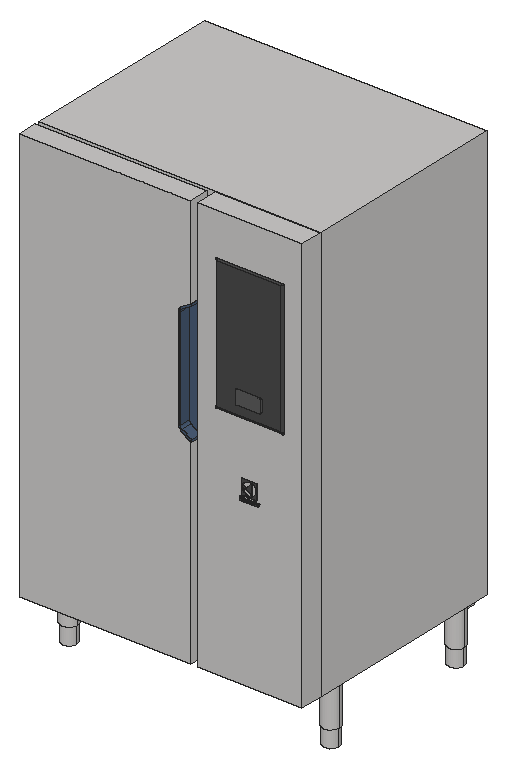
Revit family "QF_ELECTROLUXPROFESSIONAL_727744_EBFA21RQ", category Specialty Equipment, Revit 2018
Family settings
  Round Connector Dimension = Use Diameter
  Part Type = Normal
  Work Plane-Based = No
  Always vertical = Yes
  Cut with Voids When Loaded = No
  Shared = No
  Room Calculation Point = No
Parameters
  Weight = 0.00 kg
  Watts = 0 W
  Volts = 208 V
  URL Manufacturer = "http://professional.electrolux.com"
  URL = "http://professional.electrolux.com"
  Steam Supply Size = 0 mm
  Steam Supply Minimum Pressure = 0.0 Pa
  Steam Supply Maximum Pressure = 0.0 Pa
  Steam Pounds per Hour = 0
  Show Logo [instance] = yes
  Show Clearance [instance] = yes
  Refrigeration Suction Line Size = 0 mm
  Refrigeration Liquid Line Size = 0 mm
  Refrigerant Compressor Remote = yes
  Manufacturer = "Electrolux"
  Phase = 3
  Model = "EBFA21RQ"
  Length Actual = 1040 mm  # constant formula
  Item Number = "727744"
  Hot Water Size = 0 mm
  Height Actual = 1783 mm  # constant formula
  HP = "6.4 HP"
  Gas Size = 0 mm
  Gas KW = 0
  Gas Input Pressure = 0 W
  Direct Waste Size = 0 mm
  Description = "BCF 100/85KG 20GN1/1 REM-208V-US-USB"
  Depth Actual = 850 mm  # constant formula
  Cycle = 60 Hz
  Condensate Return Size = 0 mm
  Compressed Air Volume = 0.0 L/s
  Compressed Air Size = 0 mm
  Compressed Air Pressure = 0.0 Pa
  Cold Water Size = 0 mm
  Accessory = yes
Reference planes
  plane 1 "Center X": y = 129.851
  plane 2: z = 0
  plane 3 "Center Y": x = -384
  plane 4 "LEFT": x = -904
  plane 5 "BACK": y = 554.851
  plane 6 "RIGHT": x = 136
  plane 7 "FRONT": y = -295.149
  plane 8 "TOP": z = 1741
  plane 9: x = -866.5
  plane 10: y = 478.851
  plane 11: x = 98.5
  plane 12: y = -115.149
  plane 13: y = 616.851
  plane 14: y = -880.149
  plane 15: z = 210
  plane 16: x = -852
  plane 17: x = 84
  plane 18: z = 1174
Forms (mm)
  Extrusion 1, solid, material "QF_Finishes_Stainless Steel"
    sketch origin (0, 0, 1741) x (-1, 0, 0) y (0, -1, 0)
      loop
        line (904, -554.851) -> (904, 210.149) -> (-136, 210.149) -> (-136, -554.851) -> (904, -554.851)
    from 0 to -1531
  Extrusion 2, solid, material "QF_Finishes_Stainless Steel"
    sketch origin (-904, -0.954, 258.709) x (0, 1, 0) y (0, 0, 1)
      loop
        line (617.805, -10.759) -> (555.805, -10.759) -> (555.805, -142.72) -> (617.805, -142.72) -> (617.805, -10.759)
    from 572 to 941.96
  Extrusion 3, solid, material "QF_Finishes_Stainless Steel"
    sketch origin (-199.727, 554.851, 2076) x (1, 0, 0) y (0, 0, -1)
      loop
        circle (230.727, 1616) r 10.5
      loop
        circle (230.727, 1686) r 8
      loop
        circle (230.727, 1701) r 4.75
    from 0 to 90
  Extrusion 4, solid, material "QF_Finishes_Stainless Steel"
    sketch origin (0, 0, 210) x (0, -1, 0) y (-1, 0, 0)
      loop
        circle (-176.851, 270.5) r 9.5
    from 0 to 31.68
  Extrusion 5, solid, material "QF_Finishes_Stainless Steel"
    sketch origin (-642.679, -295.149, 0) x (1, 0, 0) y (0, 0, -1)
      loop
        line (369.7, -1741) -> (369.7, -1401.365) -> (333.447, -1377.283)
        arc (333.447, -1377.283) -> (327.216, -1370.436) -> (324.96, -1361.456) r 19
        line (324.96, -1361.456) -> (324.96, -986.544)
        arc (324.96, -986.544) -> (327.339, -977.083) -> (333.91, -969.873) r 20
        line (333.91, -969.873) -> (369.7, -946.15) -> (369.7, -210) -> (-261.321, -210) -> (-261.321, -1741) -> (369.7, -1741)
    from 0 to 70
  Extrusion 6, solid, material "QF_Finishes_Stainless Steel"
    sketch origin (-623, 0, 1060.038) x (1, 0, 0) y (0, 1, 0)
      loop
        line (759, -295.149) -> (759, -211.149) -> (372.993, -211.149) -> (372.993, -295.149) -> (759, -295.149)
    from 680.962 to -850.038
  Extrusion 7, solid, material "QF_Door-Drawer Clearances", visible <- "Show Clearance", detail levels coarse
    sketch origin (-623, 0, 1060.038) x (1, 0, 0) y (0, 1, 0)
      loop
        line (-246, -295.149) -> (-246, -877.649)
        arc (-246, -877.649) -> (165.972, -703.005) -> (350.021, -295.149) r 614
        line (350.021, -295.149) -> (-246, -295.149)
    from -850.038 to 680.962
  Extrusion 8, solid, material "QF_Finishes_Stainless Steel"
    sketch origin (-651.679, -235.149, 422.467) x (1, 0, 0) y (0, 0, -1)
      loop
        line (333.96, -564.076) -> (333.96, -938.989)
        arc (333.96, -938.989) -> (336.216, -947.969) -> (342.447, -954.816) r 19
        line (342.447, -954.816) -> (378.7, -978.898) -> (378.7, -523.683) -> (342.91, -547.406)
        arc (342.91, -547.406) -> (336.339, -554.616) -> (333.96, -564.076) r 20
    from -21 to 10
  Extrusion 9, solid, material "QF_Finishes_Electrolux_Blue"
    sketch origin (-651.679, -295.149, 422.467) x (-1, 0, 0) y (0, 0, -1)
      loop
        line (-378.7, -978.898) -> (-342.447, -954.816)
        arc (-342.447, -954.816) -> (-336.216, -947.969) -> (-333.96, -938.989) r 19
        line (-333.96, -938.989) -> (-333.96, -564.076)
        arc (-333.96, -564.076) -> (-336.339, -554.616) -> (-342.91, -547.406) r 20
        line (-342.91, -547.406) -> (-378.7, -523.683) -> (-381.2, -523.683) -> (-381.2, -529.824) -> (-346.501, -552.824)
        arc (-346.501, -552.824) -> (-342.066, -557.691) -> (-340.46, -564.076) r 13.5
        line (-340.46, -564.076) -> (-340.46, -938.989)
        arc (-340.46, -938.989) -> (-341.944, -944.897) -> (-346.043, -949.401) r 12.5
        line (-346.043, -949.401) -> (-381.2, -972.755) -> (-381.2, -978.898) -> (-378.7, -978.898)
    from -39 to 1
  Extrusion 10, void
    sketch origin (-904, -210.149, 1741) x (-1, 0, 0) y (0, 0, 1)
      loop
        line (-600.7, -65.802) -> (-600.7, -1517.802) -> (-46.5, -1517.802) -> (-46.5, -65.802) -> (-600.7, -65.802)
    from 0 to 704
  Extrusion 11, solid, material "QF_Door-Drawer Clearances", visible <- "Show Clearance", detail levels coarse
    sketch origin (-939, -461.949, 0) x (0, -1, 0) y (0, 0, -1)
      loop
        line (415.7, -1741) -> (415.7, -1401.365) -> (379.447, -1377.283)
        arc (379.447, -1377.283) -> (373.216, -1370.436) -> (370.96, -1361.456) r 19
        line (370.96, -1361.456) -> (370.96, -986.544)
        arc (370.96, -986.544) -> (373.339, -977.083) -> (379.91, -969.873) r 20
        line (379.91, -969.873) -> (415.7, -946.15) -> (415.7, -210) -> (-166.8, -210) -> (-166.8, -1741) -> (415.7, -1741)
    from 0 to 70
  Extrusion 12, solid, material "QF_Door-Drawer Clearances", visible <- "Show Clearance", detail levels coarse
    sketch origin (-879, -452.949, 422.467) x (0, -1, 0) y (0, 0, -1)
      loop
        line (379.96, -564.076) -> (379.96, -938.989)
        arc (379.96, -938.989) -> (382.216, -947.969) -> (388.447, -954.816) r 19
        line (388.447, -954.816) -> (424.7, -978.898) -> (424.7, -523.683) -> (388.91, -547.406)
        arc (388.91, -547.406) -> (382.339, -554.616) -> (379.96, -564.076) r 20
    from -21 to 10
  Extrusion 13, solid, material "QF_Door-Drawer Clearances", visible <- "Show Clearance", detail levels coarse
    sketch origin (-939, -452.949, 422.467) x (0, 1, 0) y (0, 0, -1)
      loop
        line (-424.7, -978.898) -> (-388.447, -954.816)
        arc (-388.447, -954.816) -> (-382.216, -947.969) -> (-379.96, -938.989) r 19
        line (-379.96, -938.989) -> (-379.96, -564.076)
        arc (-379.96, -564.076) -> (-382.339, -554.616) -> (-388.91, -547.406) r 20
        line (-388.91, -547.406) -> (-424.7, -523.683) -> (-427.2, -523.683) -> (-427.2, -529.824) -> (-392.501, -552.824)
        arc (-392.501, -552.824) -> (-388.066, -557.691) -> (-386.46, -564.076) r 13.5
        line (-386.46, -564.076) -> (-386.46, -938.989)
        arc (-386.46, -938.989) -> (-387.944, -944.897) -> (-392.043, -949.401) r 12.5
        line (-392.043, -949.401) -> (-427.2, -972.755) -> (-427.2, -978.898) -> (-424.7, -978.898)
    from -39 to 1
  Extrusion 14, solid, material "QF_Clearance", visible <- "Show Clearance", detail levels coarse
    sketch origin (-904, 909.851, 0) x (1, 0, 0) y (0, 1, 0)
      loop
        line (0, -1205) -> (0, -355) -> (1040, -355) -> (1040, -1205) -> (1140, -1205) -> (1140, -255) -> (-100, -255) -> (-100, -1205) -> (0, -1205)
    from 0 to 1841
  Extrusion 15, solid, material "QF_Clearance", visible <- "Show Clearance", detail levels coarse
    sketch origin (-1150.39, -1542.9, 1741) x (-1, 0, 0) y (0, -1, 0)
      loop
        line (-246.39, -1247.751) -> (-1286.39, -1247.751) -> (-1286.39, -2097.751) -> (-246.39, -2097.751) -> (-246.39, -1247.751)
    from 0 to 100
Cuts and joins
  Extrusion 10 cuts Extrusion 1
  Extrusion 10 cuts Extrusion 2
  Extrusion 10 cuts Extrusion 3
  Extrusion 10 cuts Extrusion 4
  joined: Extrusion 1, Extrusion 2, Extrusion 3, Extrusion 4
  joined: Extrusion 5, Extrusion 8
  joined: Extrusion 7, Extrusion 11, Extrusion 12, Extrusion 13
  joined: Extrusion 14, Extrusion 15
Lines and regions (mm)
  symbolic lines
    curve 1: line (-904, 554.851, 1741) -> (136, 554.851, 1741)
    curve 2: line (-904, -210.149, 1741) -> (-904, 554.851, 1741)
    curve 3: line (136, -295.149, 1741) -> (-250.007, -295.149, 1741)
    curve 4: line (136, 554.851, 1741) -> (136, -295.149, 1741)
    curve 5: line (61.997, -300.149, 1741) -> (-176.003, -300.149, 1741)
    curve 6: line (-176.003, -300.149, 1741) -> (-184.003, -295.149, 1741)
    curve 7: line (61.997, -300.149, 1741) -> (69.997, -295.149, 1741)
    curve 12: line (-250.007, -295.149, 0) -> (-250.007, -210.149, 0)
    curve 13: line (-250.007, -210.149, 0) -> (-904, -210.149, 0)
    curve 14: line (-904, -225.149, 0) -> (-272.979, -225.149, 0)
    curve 15: line (-904, -295.149, 0) -> (-904, -225.149, 0)
    curve 16: line (-272.979, -295.149, 0) -> (-904, -295.149, 0)
    curve 17: line (-272.979, -225.149, 0) -> (-272.979, -295.149, 0)
    curve 18: line (-317.719, -296.149, 0) -> (-270.479, -296.149, 0)
    curve 19: line (-270.479, -296.149, 0) -> (-270.479, -256.149, 0)
    curve 20: line (-270.479, -256.149, 0) -> (-272.979, -256.149, 0)
    curve 21: line (-317.719, -296.149, 0) -> (-317.719, -295.149, 0)
    curve 26: line (20.5, 644.851, 0) -> (41.5, 644.851, 0)
    curve 27: line (41.5, 644.851, 0) -> (41.5, 554.851, 0)
    curve 28: line (20.5, 644.851, 0) -> (20.5, 554.851, 0)
    curve 29: line (20.5, 616.851, 0) -> (-332, 616.851, 0)
    curve 30: line (-332, 616.851, 0) -> (-332, 554.851, 0)
  symbolic lines, style "QF_Door-Drawer Clearances", visible <- "Show Clearance"
    curve 8: arc (-272.979, -295.149, 1741) -> (-457.028, -703.005, 1741) -> (-869, -877.649, 1741) r 614
    curve 9: line (-939, -877.649, 1741) -> (-939, -295.149, 1741)
    curve 10: line (-869, -877.649, 1741) -> (-939, -877.649, 1741)
    curve 11: line (-869, -877.649, 1741) -> (-869, -295.149, 1741)
  symbolic lines, style "QF_Door-Drawer Clearances"
    curve 22: line (-869, -877.649, 0) -> (-939, -877.649, 0)
  symbolic lines, style "QF_Clearances", visible <- "Show Clearance", detail levels coarse
    curve 23: line (-1004, 654.851, 0) -> (-1004, -295.149, 0)
    curve 24: line (236, 654.851, 0) -> (-1004, 654.851, 0)
    curve 25: line (236, -295.149, 0) -> (236, 654.851, 0)
Dimensions and locks
  equal spacing: plane 4 "LEFT", plane 3 "Center Y", plane 6 "RIGHT"
  plane 4 "LEFT" to plane 6 "RIGHT" = 1040 mm
  plane 5 "BACK" to plane 7 "FRONT" = 850 mm
  equal spacing: plane 5 "BACK", plane 1 "Center X", plane 7 "FRONT"
  plane 15 to Extrusion 3 sketch curve = 250 mm
  plane 5 "BACK" to Extrusion 4 sketch curve = 378 mm
  plane 4 "LEFT" to Extrusion 4 sketch curve = 633.5 mm
  plane 6 "RIGHT" to Extrusion 3 sketch curve = 105 mm
  plane 8 "TOP" to level = 1741 mm
  Extrusion 3 sketch curve to Extrusion 6 = 165 mm
  Extrusion 3 sketch curve to Extrusion 6 = 180 mm
  aligned and locked: level to plane 2
  aligned and locked: plane 11 to nested 2
  aligned and locked: plane 9 to nested 1
  aligned and locked: nested 1 to plane 12
  aligned and locked: nested 2 to plane 12
  aligned and locked: Extrusion 9 to Extrusion 8
  aligned and locked: nested 4 to plane 10
  aligned and locked: nested 3 to plane 10
  aligned and locked: Extrusion 13 to Extrusion 12
Automatic sketch dimensions
  Extrusion 5 sketch curve to plane 4 "LEFT" = 0 mm
  Extrusion 5 sketch curve to plane 15 = 0 mm
  Extrusion 5 sketch curve to plane 8 "TOP" = 0 mm
  plane 3 "Center Y" to Extrusion 5 sketch curve = 66.281 mm
  Extrusion 5 sketch curve to Extrusion 5 sketch curve = 8.487 mm
  Extrusion 5 sketch curve to Extrusion 5 sketch curve = 8.95 mm
  Extrusion 5 sketch curve to Extrusion 5 sketch curve = 19 mm
  Extrusion 5 sketch curve to Extrusion 5 sketch curve = 11.05 mm
  Extrusion 5 sketch curve to Extrusion 5 sketch curve = 35.79 mm
  Extrusion 5 sketch curve to Extrusion 5 sketch curve = 36.253 mm
  plane 18 to Extrusion 5 sketch curve = 227.365 mm
  Extrusion 5 sketch curve to Extrusion 5 sketch curve = 24.082 mm
  Extrusion 5 sketch curve to plane 18 = 187.456 mm
  Extrusion 5 sketch curve to Extrusion 5 sketch curve = 23.723 mm
  plane 3 "Center Y" to Extrusion 8 sketch curve = 66.281 mm
  Extrusion 8 sketch curve to Extrusion 8 sketch curve = 8.487 mm
  Extrusion 8 sketch curve to Extrusion 8 sketch curve = 8.95 mm
  Extrusion 8 sketch curve to Extrusion 8 sketch curve = 10.513 mm
  Extrusion 8 sketch curve to Extrusion 8 sketch curve = 11.05 mm
  plane 18 to Extrusion 8 sketch curve = 203.283 mm
  Extrusion 8 sketch curve to plane 18 = 187.456 mm
  Extrusion 8 sketch curve to Extrusion 8 sketch curve = 36.253 mm
  Extrusion 8 sketch curve to Extrusion 8 sketch curve = 35.79 mm
  Extrusion 8 sketch curve to Extrusion 8 sketch curve = 0 mm  (x3)
  Extrusion 8 sketch curve to Extrusion 8 sketch curve = 24.082 mm
  Extrusion 8 sketch curve to Extrusion 8 sketch curve = 23.723 mm
  Extrusion 9 sketch curve to Extrusion 9 sketch curve = 0 mm  (x4)
  plane 3 "Center Y" to Extrusion 9 sketch curve = 113.521 mm  (x2)
  Extrusion 9 sketch curve to Extrusion 9 sketch curve = 2.5 mm  (x2)
  Extrusion 9 sketch curve to Extrusion 9 sketch curve = 27.24 mm
  Extrusion 9 sketch curve to Extrusion 9 sketch curve = 28.24 mm
  Extrusion 9 sketch curve to Extrusion 9 sketch curve = 7.459 mm
  Extrusion 9 sketch curve to Extrusion 9 sketch curve = 6.917 mm
  Extrusion 9 sketch curve to Extrusion 9 sketch curve = 3.591 mm
  Extrusion 9 sketch curve to Extrusion 9 sketch curve = 3.597 mm
  Extrusion 9 sketch curve to Extrusion 9 sketch curve = 5.583 mm
  Extrusion 9 sketch curve to Extrusion 9 sketch curve = 6.5 mm
  plane 18 to Extrusion 9 sketch curve = 227.365 mm
  Extrusion 9 sketch curve to Extrusion 9 sketch curve = 6.143 mm
  Extrusion 9 sketch curve to Extrusion 9 sketch curve = 17.939 mm
  Extrusion 9 sketch curve to plane 18 = 187.456 mm
  Extrusion 9 sketch curve to Extrusion 9 sketch curve = 23 mm
  Extrusion 9 sketch curve to Extrusion 9 sketch curve = 6.141 mm
  Extrusion 10 sketch curve to Extrusion 1 = 13.198 mm
  Extrusion 1 to Extrusion 10 sketch curve = 439.3 mm
  Extrusion 10 sketch curve to Extrusion 1 = 46.5 mm
  Extrusion 10 sketch curve to Extrusion 1 = 65.802 mm
  Extrusion 11 sketch curve to plane 8 "TOP" = 0 mm
  Extrusion 11 sketch curve to plane 15 = 0 mm
  plane 7 "FRONT" to Extrusion 11 sketch curve = 0 mm
  plane 14 to Extrusion 11 sketch curve = 47.24 mm
  plane 18 to Extrusion 11 sketch curve = 203.283 mm
  Extrusion 11 sketch curve to Extrusion 11 sketch curve = 8.487 mm
  Extrusion 11 sketch curve to plane 18 = 204.127 mm
  Extrusion 11 sketch curve to Extrusion 11 sketch curve = 8.95 mm
  Extrusion 11 sketch curve to Extrusion 11 sketch curve = 19 mm
  Extrusion 11 sketch curve to Extrusion 11 sketch curve = 11.05 mm
  Extrusion 11 sketch curve to Extrusion 11 sketch curve = 35.79 mm
  Extrusion 11 sketch curve to Extrusion 11 sketch curve = 36.253 mm
  Extrusion 11 sketch curve to Extrusion 11 sketch curve = 24.082 mm
  Extrusion 11 sketch curve to Extrusion 11 sketch curve = 23.723 mm
  plane 14 to Extrusion 12 sketch curve = 47.24 mm
  Extrusion 12 sketch curve to Extrusion 12 sketch curve = 8.487 mm
  Extrusion 12 sketch curve to Extrusion 12 sketch curve = 8.95 mm
  Extrusion 12 sketch curve to Extrusion 12 sketch curve = 19 mm
  Extrusion 12 sketch curve to Extrusion 12 sketch curve = 11.05 mm
  plane 18 to Extrusion 12 sketch curve = 203.283 mm
  Extrusion 12 sketch curve to plane 18 = 187.456 mm
  Extrusion 12 sketch curve to Extrusion 12 sketch curve = 36.253 mm
  Extrusion 12 sketch curve to Extrusion 12 sketch curve = 35.79 mm
  Extrusion 12 sketch curve to Extrusion 12 sketch curve = 0 mm  (x3)
  Extrusion 12 sketch curve to Extrusion 12 sketch curve = 24.082 mm
  Extrusion 12 sketch curve to Extrusion 12 sketch curve = 23.723 mm
  Extrusion 13 sketch curve to Extrusion 13 sketch curve = 0 mm  (x4)
  Extrusion 13 sketch curve to plane 14 = 0 mm  (x2)
  Extrusion 13 sketch curve to Extrusion 13 sketch curve = 2.5 mm  (x2)
  Extrusion 13 sketch curve to Extrusion 13 sketch curve = 27.24 mm
  Extrusion 13 sketch curve to Extrusion 13 sketch curve = 28.24 mm
  Extrusion 13 sketch curve to Extrusion 13 sketch curve = 7.459 mm
  Extrusion 13 sketch curve to Extrusion 13 sketch curve = 6.917 mm
  Extrusion 13 sketch curve to Extrusion 13 sketch curve = 3.591 mm
  Extrusion 13 sketch curve to Extrusion 13 sketch curve = 3.597 mm
  Extrusion 13 sketch curve to Extrusion 13 sketch curve = 5.583 mm
  Extrusion 13 sketch curve to Extrusion 13 sketch curve = 6.5 mm
  plane 18 to Extrusion 13 sketch curve = 227.365 mm
  Extrusion 13 sketch curve to Extrusion 13 sketch curve = 6.143 mm
  Extrusion 13 sketch curve to Extrusion 13 sketch curve = 17.939 mm
  Extrusion 13 sketch curve to plane 18 = 187.456 mm
  Extrusion 13 sketch curve to Extrusion 13 sketch curve = 23 mm
  Extrusion 13 sketch curve to Extrusion 13 sketch curve = 6.141 mm
  Extrusion 7 sketch curve to plane 7 "FRONT" = 0 mm
  plane 4 "LEFT" to Extrusion 7 sketch curve = 17.818 mm
  Extrusion 7 sketch curve to plane 9 = 2.5 mm
  plane 3 "Center Y" to Extrusion 7 sketch curve = 111.021 mm
  plane 14 to Extrusion 7 sketch curve = 2.5 mm
  Extrusion 1 sketch curve to plane 5 "BACK" = 0 mm
  Extrusion 1 sketch curve to plane 6 "RIGHT" = 0 mm
  Extrusion 1 sketch curve to plane 4 "LEFT" = 0 mm
  plane 7 "FRONT" to Extrusion 1 sketch curve = 85 mm
  Extrusion 6 sketch curve to plane 7 "FRONT" = 0 mm
  Extrusion 6 sketch curve to plane 6 "RIGHT" = 0 mm
  plane 3 "Center Y" to Extrusion 6 sketch curve = 133.993 mm
  Extrusion 6 sketch curve to Extrusion 6 sketch curve = 84 mm
  Extrusion 2 sketch curve to plane 5 "BACK" = 0 mm
  Extrusion 2 sketch curve to plane 13 = 0 mm
  Extrusion 2 sketch curve to plane 15 = 94.012 mm
  plane 15 to Extrusion 2 sketch curve = 37.95 mm
  Extrusion 3 sketch curve to Extrusion 3 sketch curve = 0 mm  (x2)
  Extrusion 14 sketch curve to plane 7 "FRONT" = 0 mm  (x2)
  Extrusion 14 sketch curve to plane 6 "RIGHT" = 1140 mm
  Extrusion 14 sketch curve to Extrusion 14 sketch curve = 100 mm  (x3)
  Extrusion 14 sketch curve to plane 13 = 62 mm
  Extrusion 14 sketch curve to Extrusion 14 sketch curve = 1040 mm
  Extrusion 15 sketch curve to plane 6 "RIGHT" = 0 mm
  Extrusion 15 sketch curve to plane 4 "LEFT" = 0 mm
  Extrusion 15 sketch curve to plane 5 "BACK" = 0 mm
  Extrusion 15 sketch curve to plane 7 "FRONT" = 0 mm
  curve 23 to plane 7 "FRONT" = 0 mm
  curve 15 to plane 4 "LEFT" = 0 mm
  curve 13 to plane 4 "LEFT" = 0 mm
  curve 30 to plane 5 "BACK" = 0 mm
  curve 29 to plane 13 = 0 mm
  curve 21 to plane 7 "FRONT" = 0 mm
  curve 12 to plane 7 "FRONT" = 0 mm
  curve 28 to plane 5 "BACK" = 0 mm
  curve 27 to plane 5 "BACK" = 0 mm
  curve 25 to plane 7 "FRONT" = 0 mm
  plane 13 to curve 24 = 38 mm
  curve 24 to plane 4 "LEFT" = 100 mm
  curve 18 to plane 7 "FRONT" = 1 mm
  plane 3 "Center Y" to curve 18 = 66.281 mm
  curve 21 to curve 17 = 44.74 mm
  curve 16 to curve 19 = 2.5 mm
  curve 14 to curve 12 = 22.972 mm
  plane 13 to curve 26 = 28 mm
  curve 26 to plane 17 = 63.5 mm
  curve 26 to curve 27 = 21 mm
  plane 6 "RIGHT" to curve 24 = 100 mm
  plane 7 "FRONT" to curve 19 = 39 mm
  plane 7 "FRONT" to curve 15 = 70 mm
  curve 14 to curve 12 = 15 mm
  plane 14 to curve 22 = 2.5 mm
  curve 22 to plane 4 "LEFT" = 35 mm
  curve 22 to plane 9 = 2.5 mm
  plane 3 "Center Y" to curve 30 = 52 mm
  curve 1 to plane 5 "BACK" = 0 mm
  curve 1 to plane 6 "RIGHT" = 0 mm
  curve 7 to plane 7 "FRONT" = 0 mm
  curve 8 to plane 7 "FRONT" = 0 mm
  curve 11 to plane 7 "FRONT" = 0 mm
  curve 2 to plane 4 "LEFT" = 0 mm
  curve 9 to plane 7 "FRONT" = 0 mm
  curve 7 to plane 7 "FRONT" = 5 mm
  curve 7 to plane 17 = 22.003 mm
  plane 3 "Center Y" to curve 6 = 207.997 mm
  curve 11 to plane 9 = 2.5 mm
  plane 4 "LEFT" to curve 8 = 17.818 mm
  plane 14 to curve 10 = 2.5 mm
  curve 10 to plane 4 "LEFT" = 35 mm
  plane 7 "FRONT" to curve 8 = 31.26 mm
  curve 7 to curve 5 = 8 mm
  curve 5 to curve 6 = 8 mm
  curve 3 to curve 8 = 22.972 mm
  curve 2 to curve 8 = 53.74 mm
  radius of Extrusion 4 sketch curve = 9.5 mm
  radius of Extrusion 3 sketch curve = 10.5 mm
  radius of Extrusion 3 sketch curve = 8 mm
  radius of Extrusion 3 sketch curve = 4.75 mm
Nested families
  nested 1: "Foot_Complete" at (-866.5, -115.149, 0), type "Foot_Complete"
    with H 210 mm
  nested 2: "Foot_Complete" at (98.5, -115.149, 0), type "Foot_Complete"
    with H 210 mm
  nested 3: "Foot_Complete" at (84, 478.851, 0), type "Foot_Complete"
    with H 210 mm
  nested 4: "Foot_Complete" at (-852, 478.851, 0), type "Foot_Complete"
    with H 210 mm
  nested 5: "ELX_Touch" at (-57.003, -295.149, 1337) x (-1, 0, 0) z (0, -1, 0), type "ELX_Touch"
  nested 6: "ELX_Logo_S_New" at (-57.003, -295.149, 824) x (1, 0, 0) z (0, -1, 0), visible <- "Show Logo", type "ELX_Logo_S_New"
    with M QF_Finishes_Black
  nested 7: "ELX_Logo_Symbol" at (-57.003, -295.149, 864) x (-1, 0, 0) z (0, -1, 0), visible <- "Show Logo", type "ELX_Logo_Symbol"
    with M QF_Finishes_Black
Connectors
  electrical at (31, 644.851, 460), driven by "Volts"
    settings: on Extrusion 3, index 5, voltage 208 V, apparent load 0 VA, apparent load phase1 0 VA, apparent load phase2 0 VA, apparent load phase3 0 VA, power factor 1, load classification "Altro", number of poles 1, system type 30, power factor state 1, is connector primary yes, connector utility no, sub classification motor no, connector description "Electrical Connection"
  piping at (-270.5, 176.851, 178.32), diameter 19
    settings: on cut or joined group of Extrusion 1, Extrusion 2, Extrusion 3, Extrusion 4, Extrusion 10, index 6, connector inside diameter 609.6 mm, connector length 0 mm, flow factor 0, pipe flow 0.0 L/s, pressure drop 0.0 Pa, fitting loss kfactor 0, connector angle 0.00°, fixture units 0, engagement length 0 mm, angle of deflection 0.00°, flow configuration 1, flow direction 2, fitting loss method 0, system type 16, joint type 0, gender type 0, connector reference index -1, connector utility 0, adjustable connector no, is connector primary yes, connector description "Drain"
  piping at (31, 644.851, 390)
    settings: on cut or joined group of Extrusion 1, Extrusion 2, Extrusion 3, Extrusion 4, Extrusion 10, index 7, connector diameter 0 mm, connector inside diameter 609.6 mm, connector length 0 mm, flow factor 0, pipe flow 0.0 L/s, pressure drop 0.0 Pa, fitting loss kfactor 0, connector angle 0.00°, fixture units 0, engagement length 0 mm, angle of deflection 0.00°, flow configuration 1, flow direction 1, fitting loss method 0, system type 8, joint type 0, gender type 0, connector reference index -1, connector utility 0, adjustable connector no, is connector primary no, connector description "Refrigerant Outlet"
  piping at (31, 644.851, 375)
    settings: on cut or joined group of Extrusion 1, Extrusion 2, Extrusion 3, Extrusion 4, Extrusion 10, index 8, connector diameter 0 mm, connector inside diameter 609.6 mm, connector length 0 mm, flow factor 0, pipe flow 0.0 L/s, pressure drop 0.0 Pa, fitting loss kfactor 0, connector angle 0.00°, fixture units 0, engagement length 0 mm, angle of deflection 0.00°, flow configuration 0, flow direction 0, fitting loss method 0, system type 7, joint type 0, gender type 0, connector reference index -1, connector utility 0, adjustable connector no, is connector primary no, connector description "Refrigerant Inlet"
Definition of nested family "Foot_Complete"
  Parameters
    R = 32 mm
    H = 150 mm
  Reference planes
    plane 1 "Centro (Fronte/Retro)": y = 0
    plane 2: z = 0
    plane 3 "Centro (Sinistra/Destra)": x = 0
    plane 4: z = 150
  Forms (mm)
    Revolve 1, solid
      sketch origin (255.05, 0, 608.09) x (0, 0, 1) y (-1, 0, 0)
        loop
          line (-608.09, 255.05) -> (-608.09, 226.55) -> (-544.09, 226.55) -> (-544.09, 223.05) -> (-458.09, 223.05) -> (-458.09, 255.05) -> (-608.09, 255.05)
        axis (-608.09, 255.05) -> (-458.09, 255.05)
      angle from 0 to 360
  Dimensions and locks
    locked: level to Revolve 1 sketch curve at 64
    "R": Revolve 1 sketch curve to plane 3 "Centro (Sinistra/Destra)"
    "H": plane 4 to level
    aligned and locked: level to plane 2
    aligned and locked: plane 4 to Revolve 1 sketch curve
    aligned and locked: Revolve 1 sketch curve to level
    aligned and locked: plane 3 "Centro (Sinistra/Destra)" to Revolve 1 sketch curve
  Automatic sketch dimensions
    Revolve 1 sketch curve to plane 3 "Centro (Sinistra/Destra)" = 0 mm
    plane 3 "Centro (Sinistra/Destra)" to Revolve 1 sketch curve = 28.5 mm
    Revolve 1 sketch curve to Revolve 1 sketch curve = 50 mm
    Revolve 1 sketch curve to Revolve 1 sketch curve = 20 mm
Definition of nested family "ELX_Touch"
  Parameters
    Default Elevation = 1219.2 mm
  Reference planes
    plane 1 "Centro (Fronte/Retro)": y = 0
    plane 2: z = 0
    plane 3 "Centro (Sinistra/Destra)": x = 0
  Forms (mm)
    Extrusion 1, solid
      sketch origin (0, 0, 0) x (1, 0, 0) y (0, 1, 0)
        loop
          line (-1219.2, 1219.2) -> (-1219.2, -1219.2) -> (1219.2, -1219.2) -> (1219.2, 1219.2) -> (-1219.2, 1219.2)
      from 0 to -304.8
    Extrusion 2, solid
      sketch origin (0, 0, 5) x (1, 0, 0) y (0, 1, 0)
        loop
          line (-47, -160) -> (-47, -202)
          arc (-47, -202) -> (-45.536, -205.535) -> (-42, -207) r 5
          line (-42, -207) -> (42, -207)
          arc (42, -207) -> (45.536, -205.535) -> (47, -202) r 5
          line (47, -202) -> (47, -160)
          arc (47, -160) -> (45.536, -156.465) -> (42, -155) r 5
          line (42, -155) -> (-42, -155)
          arc (-42, -155) -> (-45.536, -156.465) -> (-47, -160) r 5
      from 0 to 2
    Blend 3, solid
      base sketch origin (0, 0, 0) x (1, 0, 0) y (0, 1, 0)
        loop
          line (-127, 244) -> (-127, -244)
          arc (-127, -244) -> (-125.536, -247.536) -> (-122, -249) r 5
          line (-122, -249) -> (122, -249)
          arc (122, -249) -> (125.536, -247.536) -> (127, -244) r 5
          line (127, -244) -> (127, 244)
          arc (127, 244) -> (125.536, 247.536) -> (122, 249) r 5
          line (122, 249) -> (-122, 249)
          arc (-122, 249) -> (-125.536, 247.536) -> (-127, 244) r 5
      top sketch origin (0, 0, 0) x (1, 0, 0) y (0, 1, 0)
        loop
          line (-119, -241) -> (119, -241) -> (119, 241) -> (-119, 241) -> (-119, -241)
      from 0 to 5
  Lines and regions (mm)
    Split face 1
      outline origin (0, 0, 5) x (1, 0, 0) y (0, 1, 0)
        loop
          line (-70.506, 46.167) -> (70.506, 46.167) -> (70.506, 214.829) -> (-70.506, 214.829) -> (-70.506, 46.167)
    Split face 2
      outline origin (0, 0, 5) x (1, 0, 0) y (0, 1, 0)
        loop
          line (-47.467, 50.825) -> (47.467, 50.825) -> (47.467, 210.171) -> (-47.467, 210.171) -> (-47.467, 50.825)
    Split face 3
      outline origin (0, 0, 5) x (1, 0, 0) y (0, 1, 0)
        loop
          line (-70.521, -215.33) -> (70.521, -215.33) -> (70.521, -146.67) -> (-70.521, -146.67) -> (-70.521, -215.33)
    Split face 4
      outline origin (0, 0, 5) x (1, 0, 0) y (0, 1, 0)
        loop
          line (-119, 201.163) -> (-70.506, 201.163)
        loop
          line (70.506, 201.163) -> (119, 201.163)
        loop
          line (70.521, -200.849) -> (119, -200.849)
        loop
          line (-119, -200.849) -> (-70.521, -200.849)
  Dimensions and locks
    aligned and locked: plane 2 to Extrusion 1
    aligned and locked: level to Extrusion 1
Definition of nested family "ELX_Logo_S_New"
  Parameters
    Default Elevation = 0 mm
    M [instance] = none
  Reference planes
    plane 1 "Centro (Fronte/Retro)": y = 0
    plane 2: z = 0
    plane 3 "Centro (Sinistra/Destra)": x = 0
  Forms (mm)
    Extrusion 1, solid
      sketch origin (0, 0, 0) x (1, 0, 0) y (0, 1, 0)
        loop
          line (-1219.2, 1219.2) -> (-1219.2, -1219.2) -> (1219.2, -1219.2) -> (1219.2, 1219.2) -> (-1219.2, 1219.2)
      from 0 to -304.8
    Extrusion 2, solid, material <- "M"
      sketch origin (0, 0, 0) x (1, 0, 0) y (0, 1, 0)
        loop
          spline (-32.537, -4.135) -> (-32.702, -4.128) -> (-32.877, -4.105) -> (-33.059, -4.064) -> (-33.242, -4.002) -> (-33.422, -3.916) -> (-33.593, -3.803) -> (-33.751, -3.66) -> (-33.891, -3.486) -> (-34.008, -3.276) -> (-34.098, -3.029) -> (-34.155, -2.741) -> (-34.176, -2.41)
          line (-34.176, -2.41) -> (-34.176, -0.943) -> (-29.331, -0.943) -> (-29.331, 0.928) -> (-34.176, 0.928) -> (-34.176, 3.652) -> (-29.023, 3.652) -> (-29.023, 5.518) -> (-36.159, 5.518) -> (-36.159, -2.326)
          spline (-36.159, -2.326) -> (-36.142, -2.808) -> (-36.088, -3.263) -> (-35.996, -3.688) -> (-35.867, -4.083) -> (-35.698, -4.445) -> (-35.489, -4.773) -> (-35.239, -5.066) -> (-34.946, -5.322) -> (-34.61, -5.539) -> (-34.23, -5.716) -> (-33.804, -5.851) -> (-33.332, -5.943)
          line (-33.332, -5.943) -> (-32.554, -5.999) -> (-28.885, -5.999) -> (-28.885, -4.135) -> (-32.537, -4.135)
        loop
          line (-27.476, 0.076) -> (-27.476, -6.002) -> (-25.492, -6.002) -> (-25.492, 5.521) -> (-27.476, 5.521) -> (-27.476, 0.076)
        loop
          spline (-15.702, -2.321) -> (-15.689, -1.697) -> (-15.749, -1.094) -> (-15.879, -0.516) -> (-16.078, 0.029) -> (-16.341, 0.538) -> (-16.668, 1.004) -> (-17.055, 1.422) -> (-17.5, 1.786) -> (-17.999, 2.091) -> (-18.552, 2.331) -> (-19.154, 2.5) -> (-19.804, 2.594)
          spline (-19.804, 2.594) -> (-20.422, 2.558) -> (-21.009, 2.453) -> (-21.56, 2.28) -> (-22.072, 2.042) -> (-22.54, 1.743) -> (-22.96, 1.385) -> (-23.327, 0.97) -> (-23.638, 0.502) -> (-23.887, -0.018) -> (-24.07, -0.586) -> (-24.183, -1.2) -> (-24.222, -1.857)
          spline (-24.222, -1.857) -> (-24.184, -2.498) -> (-24.074, -3.097) -> (-23.895, -3.652) -> (-23.651, -4.16) -> (-23.344, -4.618) -> (-22.979, -5.023) -> (-22.559, -5.374) -> (-22.087, -5.667) -> (-21.567, -5.899) -> (-21.003, -6.068) -> (-20.397, -6.172) -> (-19.754, -6.207)
          spline (-19.754, -6.207) -> (-19.44, -6.2) -> (-19.13, -6.176) -> (-18.823, -6.135) -> (-18.52, -6.074) -> (-18.221, -5.993) -> (-17.925, -5.89) -> (-17.634, -5.762) -> (-17.346, -5.609) -> (-17.062, -5.43) -> (-16.782, -5.221) -> (-16.506, -4.983) -> (-16.234, -4.713)
          line (-16.234, -4.713) -> (-17.429, -3.55)
          spline (-17.429, -3.55) -> (-17.587, -3.702) -> (-17.745, -3.841) -> (-17.906, -3.967) -> (-18.07, -4.08) -> (-18.239, -4.181) -> (-18.415, -4.268) -> (-18.599, -4.343) -> (-18.792, -4.404) -> (-18.996, -4.452) -> (-19.213, -4.486) -> (-19.443, -4.506) -> (-19.688, -4.513)
          spline (-19.688, -4.513) -> (-20.047, -4.496) -> (-20.383, -4.443) -> (-20.696, -4.358) -> (-20.984, -4.24) -> (-21.246, -4.092) -> (-21.479, -3.915) -> (-21.683, -3.711) -> (-21.856, -3.48) -> (-21.997, -3.224) -> (-22.104, -2.945) -> (-22.176, -2.643) -> (-22.212, -2.321)
          line (-22.212, -2.321) -> (-15.702, -2.321)
        loop
          spline (-17.695, -0.926) -> (-17.714, -0.681) -> (-17.771, -0.445) -> (-17.861, -0.221) -> (-17.984, -0.01) -> (-18.135, 0.184) -> (-18.314, 0.36) -> (-18.516, 0.516) -> (-18.741, 0.648) -> (-18.984, 0.755) -> (-19.244, 0.834) -> (-19.518, 0.883) -> (-19.804, 0.9)
          spline (-19.804, 0.9) -> (-20.11, 0.884) -> (-20.405, 0.835) -> (-20.686, 0.757) -> (-20.95, 0.652) -> (-21.195, 0.521) -> (-21.419, 0.367) -> (-21.618, 0.192) -> (-21.79, -0.003) -> (-21.934, -0.214) -> (-22.045, -0.439) -> (-22.122, -0.678) -> (-22.162, -0.926)
          line (-22.162, -0.926) -> (-17.695, -0.926)
        loop
          spline (-12.669, -1.807) -> (-12.646, -1.438) -> (-12.58, -1.088) -> (-12.472, -0.759) -> (-12.326, -0.455) -> (-12.145, -0.177) -> (-11.93, 0.072) -> (-11.685, 0.289) -> (-11.412, 0.473) -> (-11.114, 0.62) -> (-10.793, 0.728) -> (-10.453, 0.794) -> (-10.095, 0.817)
          spline (-10.095, 0.817) -> (-9.876, 0.81) -> (-9.665, 0.79) -> (-9.464, 0.756) -> (-9.271, 0.709) -> (-9.086, 0.65) -> (-8.908, 0.578) -> (-8.737, 0.495) -> (-8.572, 0.399) -> (-8.414, 0.292) -> (-8.261, 0.173) -> (-8.113, 0.044) -> (-7.969, -0.096)
          line (-7.969, -0.096) -> (-6.741, 1.183)
          spline (-6.741, 1.183) -> (-6.985, 1.427) -> (-7.237, 1.647) -> (-7.496, 1.843) -> (-7.762, 2.015) -> (-8.034, 2.164) -> (-8.312, 2.291) -> (-8.596, 2.397) -> (-8.886, 2.482) -> (-9.181, 2.546) -> (-9.481, 2.592) -> (-9.786, 2.619) -> (-10.095, 2.627)
          spline (-10.095, 2.627) -> (-10.715, 2.589) -> (-11.308, 2.476) -> (-11.871, 2.294) -> (-12.396, 2.046) -> (-12.88, 1.736) -> (-13.316, 1.369) -> (-13.7, 0.949) -> (-14.026, 0.48) -> (-14.289, -0.035) -> (-14.483, -0.59) -> (-14.604, -1.182) -> (-14.645, -1.807)
          spline (-14.645, -1.807) -> (-14.604, -2.431) -> (-14.483, -3.023) -> (-14.289, -3.578) -> (-14.026, -4.093) -> (-13.7, -4.562) -> (-13.316, -4.983) -> (-12.88, -5.35) -> (-12.396, -5.659) -> (-11.871, -5.907) -> (-11.308, -6.09) -> (-10.715, -6.202) -> (-10.095, -6.24)
          spline (-10.095, -6.24) -> (-9.786, -6.232) -> (-9.481, -6.205) -> (-9.181, -6.16) -> (-8.886, -6.095) -> (-8.596, -6.01) -> (-8.312, -5.904) -> (-8.034, -5.777) -> (-7.762, -5.628) -> (-7.496, -5.456) -> (-7.237, -5.26) -> (-6.985, -5.04) -> (-6.741, -4.796)
          line (-6.741, -4.796) -> (-7.969, -3.517)
          spline (-7.969, -3.517) -> (-8.113, -3.657) -> (-8.261, -3.786) -> (-8.414, -3.905) -> (-8.572, -4.012) -> (-8.737, -4.108) -> (-8.908, -4.192) -> (-9.086, -4.263) -> (-9.271, -4.323) -> (-9.464, -4.369) -> (-9.665, -4.403) -> (-9.876, -4.423) -> (-10.095, -4.43)
          spline (-10.095, -4.43) -> (-10.453, -4.408) -> (-10.793, -4.341) -> (-11.114, -4.233) -> (-11.412, -4.086) -> (-11.685, -3.902) -> (-11.93, -3.685) -> (-12.145, -3.436) -> (-12.326, -3.158) -> (-12.472, -2.854) -> (-12.58, -2.526) -> (-12.646, -2.176) -> (-12.669, -1.807)
        loop
          spline (-1.683, -4.138) -> (-1.858, -4.14) -> (-2.045, -4.127) -> (-2.24, -4.095) -> (-2.438, -4.04) -> (-2.633, -3.959) -> (-2.822, -3.85) -> (-2.998, -3.709) -> (-3.157, -3.533) -> (-3.294, -3.318) -> (-3.404, -3.061) -> (-3.483, -2.76) -> (-3.524, -2.411)
          line (-3.524, -2.411) -> (-3.524, 0.529) -> (-1.72, 0.529) -> (-1.72, 2.331) -> (-3.522, 2.331) -> (-3.522, 5.521) -> (-5.506, 5.521) -> (-5.506, -2.523)
          spline (-5.506, -2.523) -> (-5.463, -2.99) -> (-5.386, -3.429) -> (-5.274, -3.839) -> (-5.126, -4.218) -> (-4.941, -4.564) -> (-4.717, -4.877) -> (-4.455, -5.155) -> (-4.153, -5.396) -> (-3.81, -5.599) -> (-3.425, -5.762) -> (-2.998, -5.884) -> (-2.528, -5.964)
          line (-2.528, -5.964) -> (-1.69, -6.002) -> (-1.683, -4.138)
        loop
          spline (4.991, 2.446) -> (4.648, 2.468) -> (4.318, 2.461) -> (4.001, 2.429) -> (3.699, 2.371) -> (3.413, 2.288) -> (3.142, 2.182) -> (2.89, 2.052) -> (2.655, 1.901) -> (2.439, 1.728) -> (2.244, 1.535) -> (2.069, 1.322) -> (1.917, 1.091)
          line (1.917, 1.091) -> (1.917, 2.33) -> (-0.051, 2.33) -> (-0.051, -6.002) -> (1.917, -6.002) -> (1.917, -1.621)
          spline (1.917, -1.621) -> (1.935, -1.288) -> (1.988, -0.979) -> (2.075, -0.693) -> (2.195, -0.432) -> (2.345, -0.197) -> (2.526, 0.01) -> (2.736, 0.189) -> (2.972, 0.338) -> (3.235, 0.456) -> (3.522, 0.541) -> (3.832, 0.594) -> (4.165, 0.611)
          line (4.165, 0.611) -> (4.991, 0.529) -> (4.991, 2.446)
        loop
          spline (14.388, -1.836) -> (14.347, -1.224) -> (14.226, -0.642) -> (14.031, -0.093) -> (13.768, 0.418) -> (13.441, 0.887) -> (13.057, 1.308) -> (12.621, 1.677) -> (12.137, 1.989) -> (11.612, 2.24) -> (11.051, 2.425) -> (10.459, 2.539) -> (9.842, 2.578)
          spline (9.842, 2.578) -> (9.221, 2.539) -> (8.627, 2.425) -> (8.064, 2.24) -> (7.539, 1.989) -> (7.056, 1.677) -> (6.62, 1.308) -> (6.237, 0.887) -> (5.912, 0.418) -> (5.65, -0.093) -> (5.456, -0.642) -> (5.336, -1.224) -> (5.295, -1.836)
          spline (5.295, -1.836) -> (5.336, -2.447) -> (5.456, -3.029) -> (5.65, -3.578) -> (5.912, -4.089) -> (6.237, -4.558) -> (6.62, -4.979) -> (7.056, -5.348) -> (7.539, -5.66) -> (8.064, -5.911) -> (8.627, -6.096) -> (9.221, -6.211) -> (9.842, -6.25)
          spline (9.842, -6.25) -> (10.459, -6.211) -> (11.051, -6.096) -> (11.612, -5.911) -> (12.137, -5.66) -> (12.621, -5.348) -> (13.057, -4.979) -> (13.441, -4.558) -> (13.768, -4.089) -> (14.031, -3.578) -> (14.226, -3.029) -> (14.347, -2.447) -> (14.388, -1.836)
        loop
          spline (12.42, -1.836) -> (12.397, -1.475) -> (12.33, -1.131) -> (12.222, -0.807) -> (12.075, -0.504) -> (11.893, -0.227) -> (11.677, 0.022) -> (11.431, 0.241) -> (11.157, 0.426) -> (10.859, 0.575) -> (10.538, 0.685) -> (10.198, 0.753) -> (9.842, 0.777)
          spline (9.842, 0.777) -> (9.482, 0.753) -> (9.14, 0.685) -> (8.818, 0.575) -> (8.519, 0.426) -> (8.246, 0.241) -> (8.001, 0.022) -> (7.786, -0.227) -> (7.605, -0.504) -> (7.459, -0.807) -> (7.352, -1.131) -> (7.286, -1.475) -> (7.263, -1.836)
          spline (7.263, -1.836) -> (7.286, -2.196) -> (7.352, -2.54) -> (7.459, -2.865) -> (7.605, -3.167) -> (7.786, -3.444) -> (8.001, -3.694) -> (8.246, -3.912) -> (8.519, -4.098) -> (8.818, -4.247) -> (9.14, -4.357) -> (9.482, -4.425) -> (9.842, -4.448)
          spline (9.842, -4.448) -> (10.198, -4.425) -> (10.538, -4.357) -> (10.859, -4.247) -> (11.157, -4.098) -> (11.431, -3.912) -> (11.677, -3.694) -> (11.893, -3.444) -> (12.075, -3.167) -> (12.222, -2.865) -> (12.33, -2.54) -> (12.397, -2.196) -> (12.42, -1.836)
        loop
          line (15.608, 0.275) -> (15.608, -6.002) -> (17.593, -6.002) -> (17.593, 5.521) -> (15.608, 5.521) -> (15.608, 0.275)
        loop
          line (24.747, 2.33) -> (24.747, -2.513)
          spline (24.747, -2.513) -> (24.731, -2.828) -> (24.685, -3.112) -> (24.61, -3.366) -> (24.507, -3.59) -> (24.38, -3.785) -> (24.229, -3.952) -> (24.056, -4.091) -> (23.863, -4.203) -> (23.652, -4.29) -> (23.425, -4.35) -> (23.183, -4.386) -> (22.928, -4.398)
          spline (22.928, -4.398) -> (22.674, -4.386) -> (22.432, -4.35) -> (22.205, -4.29) -> (21.994, -4.204) -> (21.802, -4.092) -> (21.629, -3.954) -> (21.478, -3.788) -> (21.35, -3.595) -> (21.248, -3.373) -> (21.173, -3.122) -> (21.126, -2.841) -> (21.11, -2.53)
          line (21.11, -2.53) -> (21.11, 2.33) -> (19.11, 2.33) -> (19.11, -2.696)
          spline (19.11, -2.696) -> (19.145, -3.265) -> (19.248, -3.783) -> (19.413, -4.25) -> (19.636, -4.667) -> (19.912, -5.033) -> (20.236, -5.349) -> (20.603, -5.616) -> (21.008, -5.833) -> (21.446, -6.001) -> (21.913, -6.121) -> (22.403, -6.193) -> (22.912, -6.217)
          spline (22.912, -6.217) -> (23.425, -6.193) -> (23.92, -6.12) -> (24.39, -5.998) -> (24.832, -5.828) -> (25.241, -5.607) -> (25.611, -5.337) -> (25.937, -5.016) -> (26.216, -4.645) -> (26.441, -4.222) -> (26.608, -3.749) -> (26.711, -3.223) -> (26.747, -2.646)
          line (26.747, -2.646) -> (26.747, 2.33) -> (24.747, 2.33)
        loop
          line (34.253, -3.337) -> (33.002, -1.588) -> (34.551, 0.523) -> (35.878, 2.33) -> (33.713, 2.33) -> (31.91, -0.166) -> (30.092, 2.33) -> (27.943, 2.33) -> (29.175, 0.645) -> (30.82, -1.604) -> (29.096, -4.004) -> (27.662, -6.002) -> (29.794, -6.002) -> (31.91, -3.059) -> (34.027, -6.002) -> (36.159, -6.002) -> (34.253, -3.337)
      from 0 to 1.644
  Dimensions and locks
    aligned and locked: plane 2 to Extrusion 1
    aligned and locked: level to Extrusion 1
Definition of nested family "ELX_Logo_Symbol"
  Parameters
    Default Elevation = 0 mm
    M [instance] = none
  Reference planes
    plane 1 "Centro (Fronte/Retro)": y = 0
    plane 2: z = 0
    plane 3 "Centro (Sinistra/Destra)": x = 0
  Forms (mm)
    Extrusion 1, solid
      sketch origin (0, 0, 0) x (1, 0, 0) y (0, 1, 0)
        loop
          line (-1219.2, 1219.2) -> (-1219.2, -1219.2) -> (1219.2, -1219.2) -> (1219.2, 1219.2) -> (-1219.2, 1219.2)
      from 0 to -304.8
    Extrusion 2, solid, material <- "M"
      sketch origin (94.462, 558.781, 0) x (1, 0, 0) y (0, 1, 0)
        loop
          line (-101.645, -583.129) -> (-101.645, -534.543)
          arc (-101.645, -534.543) -> (-119.606, -558.836) -> (-101.645, -583.129) r 25.41
        loop
          arc (-99.174, -583.129) -> (-78.968, -578.537) -> (-69.233, -560.244) r 24.902
          line (-69.233, -560.244) -> (-77.271, -560.244)
          arc (-77.271, -560.244) -> (-91.631, -566.073) -> (-99.174, -579.611) r 23.341
          line (-99.174, -579.611) -> (-99.174, -583.129)
        loop
          arc (-99.174, -538.061) -> (-91.631, -551.599) -> (-77.271, -557.427) r 23.341
          line (-77.271, -557.427) -> (-69.233, -557.427)
          arc (-69.233, -557.427) -> (-78.952, -538.984) -> (-99.174, -533.918) r 25.553
          line (-99.174, -533.918) -> (-99.174, -538.061)
        loop
          line (-67.388, -585.781) -> (-67.388, -531.781) -> (-121.462, -531.781) -> (-121.462, -585.781) -> (-67.388, -585.781)
      from 0 to 1.644
  Dimensions and locks
    aligned and locked: plane 2 to Extrusion 1
    aligned and locked: level to Extrusion 1
